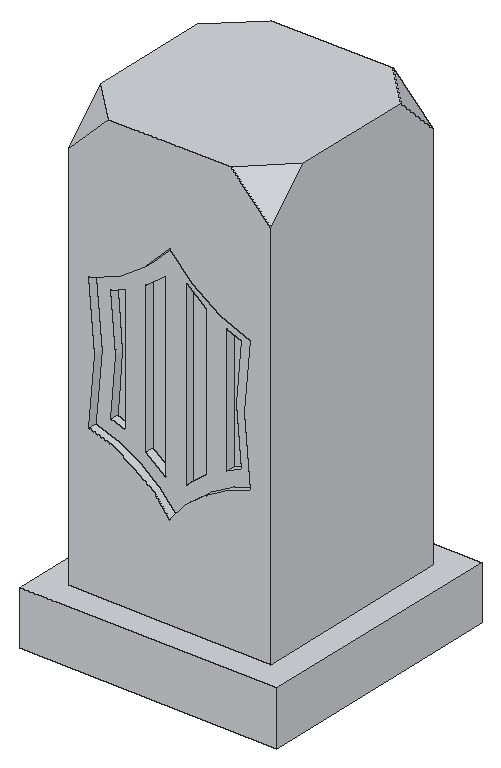
Revit family
Parameters (values of type "SBSP-013.2")
  Width = 1' - 4"
  URL = "www.strombergarchitectural.com"
  Top Material = GFRC
  Submittal Sheet = "www.strombergarchitectural.com/images/materials/gfrc/submittal/gfrc-submittal-sheet.pdf"
  Specifications = "www.strombergarchitectural.com/gfrcspecifications"
  Model Cut-sheet = "www.strombergarchitectural.com/products/bollards/design/SBSP-013"
  Model = "SBSP-013"
  Manufacturer = "Stromberg Architectural Products"
  Guidebook = "www.strombergarchitectural.com/images/materials/gfrc/handbooks/gfrc_guidebook.pdf"
  Frame Material = none
  Description = "GFRC Bollard"
  Assembly Code = ""
  Height = 2' - 6"
  XXX.5 = no
  XXX.4 = no
  XXX.3 = no
  XXX.2 = yes
  XXX.1 = no
Types (6): name | Width | Guidebook | Height | XXX.5 | XXX.4 | XXX.3 | XXX.2 | XXX.1
  (no name) | 1' - 4" | "www.strombergarchitectural.com/images/materials/gfrc/handbooks/gfrc_guidebook.pdf" | 2' - 6" | no | no | no | yes | no
  SBSP-013.3 | 1' - 7" | "www.strombergarchitectural.com/images/materials/gfrc/handbooks/gfrc_guidebook.pdf" | 3' - 0" | no | no | yes | no | no
  SBSP-013.1 | 1' - 1" | "www.strombergarchitectural.com/images/materials/gfrc/handbooks/gfrc_guidebook.pdf   \r\n(http://www.strombergarchitectural.com/images/materials/gfrc/handbooks/gfrc_guidebook.pdf" | 2' - 0" | no | no | no | no | yes
  SBSP-013.2 | 1' - 4" | "www.strombergarchitectural.com/images/materials/gfrc/handbooks/gfrc_guidebook.pdf" | 2' - 6" | no | no | no | yes | no
  SBSP-013.4 | 1' - 10" | "www.strombergarchitectural.com/images/materials/gfrc/handbooks/gfrc_guidebook.pdf" | 3' - 6" | no | yes | no | no | no
  SBSP-013.5 | 2' - 1" | "www.strombergarchitectural.com/images/materials/gfrc/handbooks/gfrc_guidebook.pdf" | 4' - 0" | yes | no | no | no | no
Reference planes (in)
  plane 1 "Center (Front/Back)": y = 3.74847
  plane 2: z = 0
  plane 3 "Center (Left/Right)": x = 0.7278
  plane 4 "Left": x = -17.2722
  plane 5 "Right": x = 18.7278
  plane 6: x = 10.7278
  plane 7: x = 6.7278
  plane 8: z = 5.33333
  plane 9: z = 14.66667
  plane 10: z = 20
  plane 11: z = 33.33333
  plane 12: z = 38.66667
  plane 13: z = 44
  plane 14: z = 48
  plane 15: x = -9.2722
  plane 16: x = -5.2722
  plane 17: y = 13.74847
  plane 18: y = 9.74847
  plane 19: y = -6.25153
  plane 20: y = -2.25153
  plane 21: y = -5.75153
  plane 22: y = -5.25153
Forms (in)
  Extrusion 1, solid, visible <- "XXX.1"
    sketch origin (0, 0, 0) x (1, 0, 0) y (0, 1, 0)
      loop
        line (-5.60553, 10.0818) -> (-5.60553, -2.58487) -> (7.06113, -2.58487) -> (7.06113, 10.0818) -> (-5.60553, 10.0818)
    from 0 to 2.66667
  Blend 2, solid, visible <- "XXX.1"
    base sketch origin (5.7278, -48, 22) x (0, -1, 0) y (1, 0, 0)
      loop
        line (-56.74847, -10) -> (-46.74847, -10) -> (-46.74847, 0) -> (-56.74847, 0) -> (-56.74847, -10)
    top sketch origin (5.7278, -48, 22) x (0, -1, 0) y (1, 0, 0)
      loop
        line (-56.74847, -8) -> (-54.74847, -10) -> (-48.74847, -10) -> (-46.74847, -8) -> (-46.74847, -2) -> (-48.74847, 0) -> (-54.74847, 0) -> (-56.74847, -2) -> (-56.74847, -8)
    from 0 to 2
  Extrusion 3, void
    sketch origin (-87.99522, -0.75913, 2.66667) x (0, 0, 1) y (-1, 0, 0)
      loop
        line (7.51769, -86.22302) -> (13.81564, -86.22302) -> (13.52759, -85.48758)
        arc (13.52759, -85.48758) -> (10.66667, -85.72302) -> (7.80574, -85.48758) r 17.5
        line (7.80574, -85.48758) -> (7.51769, -86.22302)
      loop
        line (15.12542, -88.22302) -> (14.3596, -87.22302) -> (6.97373, -87.22302) -> (6.20791, -88.22302) -> (15.12542, -88.22302)
      loop
        line (15.12542, -89.22302) -> (6.20791, -89.22302) -> (6.97373, -90.22302) -> (14.3596, -90.22302) -> (15.12542, -89.22302)
      loop
        line (13.81564, -91.22302) -> (7.51769, -91.22302) -> (7.80574, -91.95845)
        arc (7.80574, -91.95845) -> (10.66667, -91.72302) -> (13.52759, -91.95845) r 17.5
        line (13.52759, -91.95845) -> (13.81564, -91.22302)
    from -0.5 to 0
  Extrusion 4, solid, visible <- "XXX.1"
    sketch origin (0, 0, 0) x (1, 0, 0) y (0, 1, 0)
      loop
        line (-4.2722, 8.74847) -> (-4.2722, -0.75913) -> (5.7278, -0.75913) -> (5.7278, 8.74847) -> (-4.2722, 8.74847)
    from 2.66667 to 22
  Extrusion 5, solid, visible <- "XXX.1"
    sketch origin (-88.08204, -1.25153, 2.66667) x (0, 0, -1) y (-1, 0, 0)
      loop
        line (-19.33333, -83.80984) -> (-19.33333, -88.80984) -> (-16.66667, -88.80984)
        arc (-16.66667, -88.80984) -> (-14.98231, -87.04385) -> (-14, -84.80984) r 7.05869
        arc (-14, -84.80984) -> (-10.66667, -85.11651) -> (-7.33333, -84.80984) r 18.26924
        arc (-7.33333, -84.80984) -> (-6.35102, -87.04385) -> (-4.66667, -88.80984) r 7.05869
        line (-4.66667, -88.80984) -> (0, -88.80984) -> (0, -83.80984) -> (-19.33333, -83.80984)
    from 0 to 0.4924
  Extrusion 6, solid, visible <- "XXX.1"
    sketch origin (89.53764, -1.25153, 2.66667) x (0, 0, -1) y (-1, 0, 0)
      loop
        line (-19.33333, 83.80984) -> (0, 83.80984) -> (0, 88.80984) -> (-4.66667, 88.80984)
        arc (-4.66667, 88.80984) -> (-6.35102, 87.04385) -> (-7.33333, 84.80984) r 7.05869
        arc (-7.33333, 84.80984) -> (-10.66667, 85.11651) -> (-14, 84.80984) r 18.26924
        arc (-14, 84.80984) -> (-14.98231, 87.04385) -> (-16.66667, 88.80984) r 7.05869
        line (-16.66667, 88.80984) -> (-19.33333, 88.80984) -> (-19.33333, 83.80984)
    from 0 to 0.4924
  Extrusion 7, solid, visible <- "XXX.2"
    sketch origin (0, 0, 0) x (1, 0, 0) y (0, 1, 0)
      loop
        line (-7.18887, -4.1682) -> (8.64447, -4.1682) -> (8.64447, 11.66513) -> (-7.18887, 11.66513) -> (-7.18887, -4.1682)
    from 0 to 3.33333
  Blend 8, solid, visible <- "XXX.2"
    base sketch origin (6.9778, -48, 27.5) x (0, -1, 0) y (1, 0, 0)
      loop
        line (-57.99847, -12.5) -> (-45.49847, -12.5) -> (-45.49847, 0) -> (-57.99847, 0) -> (-57.99847, -12.5)
    top sketch origin (6.9778, -48, 27.5) x (0, -1, 0) y (1, 0, 0)
      loop
        line (-57.99847, -10) -> (-55.49847, -12.5) -> (-47.99847, -12.5) -> (-45.49847, -10) -> (-45.49847, -2.5) -> (-47.99847, 0) -> (-55.49847, 0) -> (-57.99847, -2.5) -> (-57.99847, -10)
    from 0 to 2.5
  Extrusion 9, solid, visible <- "XXX.2"
    sketch origin (6.9778, -48, 27.5) x (0, -1, 0) y (-1, 0, 0)
      loop
        line (-57.99847, 12.5) -> (-57.99847, 0) -> (-45.99847, 0) -> (-45.99847, 12.5) -> (-57.99847, 12.5)
    from 0 to 24.16667
  Extrusion 10, solid, visible <- "XXX.2"
    sketch origin (90.2363, -2.00153, 30) x (0, 0, -1) y (-1, 0, 0)
      loop
        line (2.5, 95.7585) -> (2.5, 89.5085) -> (5.83333, 89.5085)
        arc (5.83333, 89.5085) -> (7.89547, 91.74485) -> (9.16667, 94.5085) r 9.73465
        arc (9.16667, 94.5085) -> (13.33333, 94.1282) -> (17.5, 94.5085) r 23.01565
        arc (17.5, 94.5085) -> (18.72789, 91.71598) -> (20.83333, 89.5085) r 8.82337
        line (20.83333, 89.5085) -> (26.66667, 89.5085) -> (26.66667, 95.7585) -> (2.5, 95.7585)
    from -0.5 to 0
  Extrusion 11, solid, visible <- "XXX.2"
    sketch origin (-88.7807, -2.00153, 30) x (0, 0, -1) y (-1, 0, 0)
      loop
        line (2.5, -95.7585) -> (26.66667, -95.7585) -> (26.66667, -89.5085) -> (20.83333, -89.5085)
        arc (20.83333, -89.5085) -> (18.72789, -91.71598) -> (17.5, -94.5085) r 8.82337
        arc (17.5, -94.5085) -> (13.33333, -94.1282) -> (9.16667, -94.5085) r 23.01565
        arc (9.16667, -94.5085) -> (7.89547, -91.74485) -> (5.83333, -89.5085) r 9.73465
        line (5.83333, -89.5085) -> (2.5, -89.5085) -> (2.5, -95.7585)
    from -0.5 to 0
  Extrusion 12, void
    sketch origin (90.2363, -2.00153, 30) x (0, 0, 1) y (-1, 0, 0)
      loop
        line (-17.26955, 92.6335) -> (-9.39711, 92.6335) -> (-9.75718, 93.5528)
        arc (-9.75718, 93.5528) -> (-13.33333, 93.2585) -> (-16.90949, 93.5528) r 21.875
        line (-16.90949, 93.5528) -> (-17.26955, 92.6335)
      loop
        line (-17.9495, 91.3835) -> (-18.90678, 90.1335) -> (-7.75989, 90.1335) -> (-8.71716, 91.3835) -> (-17.9495, 91.3835)
    from -0.5 to 0
  Extrusion 13, void
    sketch origin (-88.7807, -2.00153, 30) x (0, 0, 1) y (-1, 0, 0)
      loop
        line (-17.26955, -92.6335) -> (-16.90949, -93.5528)
        arc (-16.90949, -93.5528) -> (-13.33333, -93.2585) -> (-9.75718, -93.5528) r 21.875
        line (-9.75718, -93.5528) -> (-9.39711, -92.6335) -> (-17.26955, -92.6335)
      loop
        line (-17.9495, -91.3835) -> (-8.71716, -91.3835) -> (-7.75989, -90.1335) -> (-18.90678, -90.1335) -> (-17.9495, -91.3835)
    from -0.5 to 0
  Extrusion 14, solid, visible <- "XXX.3"
    sketch origin (6.9778, -48, 27.5) x (0, -1, 0) y (1, 0, 0)
      loop
        line (-61.24847, -15.75) -> (-42.24847, -15.75) -> (-42.24847, 3.25) -> (-61.24847, 3.25) -> (-61.24847, -15.75)
    from -27.5 to -23.5
  Blend 15, solid, visible <- "XXX.3"
    base sketch origin (6.9778, -48, 27.5) x (0, -1, 0) y (1, 0, 0)
      loop
        line (-59.24847, -13.75) -> (-44.24847, -13.75) -> (-44.24847, 1.25) -> (-59.24847, 1.25) -> (-59.24847, -13.75)
    top sketch origin (6.9778, -48, 27.5) x (0, -1, 0) y (1, 0, 0)
      loop
        line (-59.24847, -10.75) -> (-56.24847, -13.75) -> (-47.24847, -13.75) -> (-44.24847, -10.75) -> (-44.24847, -1.75) -> (-47.24847, 1.25) -> (-56.24847, 1.25) -> (-59.24847, -1.75) -> (-59.24847, -10.75)
    from 5.5 to 8.5
  Extrusion 16, solid, visible <- "XXX.3"
    sketch origin (6.9778, -48, 27.5) x (0, -1, 0) y (1, 0, 0)
      loop
        line (-59.24847, -13.75) -> (-44.74847, -13.75) -> (-44.74847, 1.25) -> (-59.24847, 1.25) -> (-59.24847, -13.75)
    from -23.5 to 5.5
  Extrusion 17, solid, visible <- "XXX.3"
    sketch origin (90.2363, -3.25153, 36) x (0, 0, -1) y (-1, 0, 0)
      loop
        line (3, 97.0085) -> (3, 89.5085) -> (7, 89.5085)
        arc (7, 89.5085) -> (9.52653, 92.15748) -> (11, 95.5085) r 10.58804
        arc (11, 95.5085) -> (16, 95.0085) -> (21, 95.5085) r 25.25
        arc (21, 95.5085) -> (22.47347, 92.15748) -> (25, 89.5085) r 10.58804
        line (25, 89.5085) -> (32, 89.5085) -> (32, 97.0085) -> (3, 97.0085)
    from -0.5 to 0
  Extrusion 18, solid, visible <- "XXX.3"
    sketch origin (-88.7807, -3.25153, 36) x (0, 0, -1) y (-1, 0, 0)
      loop
        line (3, -97.0085) -> (32, -97.0085) -> (32, -89.5085) -> (25, -89.5085)
        arc (25, -89.5085) -> (22.47347, -92.15748) -> (21, -95.5085) r 10.58804
        arc (21, -95.5085) -> (16, -95.0085) -> (11, -95.5085) r 25.25
        arc (11, -95.5085) -> (9.52653, -92.15748) -> (7, -89.5085) r 10.58804
        line (7, -89.5085) -> (3, -89.5085) -> (3, -97.0085)
    from -0.5 to 0
  Extrusion 19, void
    sketch origin (90.2363, -3.25153, 36) x (0, 0, 1) y (-1, 0, 0)
      loop
        arc (-11.70861, 94.36166) -> (-16, 94.0085) -> (-20.29139, 94.36166) r 26.25
        line (-20.29139, 94.36166) -> (-20.72347, 93.2585) -> (-11.27653, 93.2585) -> (-11.70861, 94.36166)
      loop
        line (-10.4606, 91.7585) -> (-21.5394, 91.7585) -> (-22.68813, 90.2585) -> (-9.31187, 90.2585) -> (-10.4606, 91.7585)
    from -0.5 to 0
  Extrusion 20, void
    sketch origin (-88.7807, -3.25153, 36) x (0, 0, 1) y (-1, 0, 0)
      loop
        line (-11.70861, -94.36166) -> (-11.27653, -93.2585) -> (-20.72347, -93.2585) -> (-20.29139, -94.36166)
        arc (-20.29139, -94.36166) -> (-16, -94.0085) -> (-11.70861, -94.36166) r 26.25
      loop
        line (-10.4606, -91.7585) -> (-9.31187, -90.2585) -> (-22.68813, -90.2585) -> (-21.5394, -91.7585) -> (-10.4606, -91.7585)
    from -0.5 to 0
  Extrusion 21, solid, visible <- "XXX.4"
    sketch origin (0, 0, 0) x (1, 0, 0) y (0, 1, 0)
      loop
        line (-10.35553, 14.8318) -> (-10.35553, -7.33487) -> (11.81113, -7.33487) -> (11.81113, 14.8318) -> (-10.35553, 14.8318)
    from 0 to 4.66667
  Blend 22, solid, visible <- "XXX.4"
    base sketch origin (0, 0, 0) x (1, 0, 0) y (0, 1, 0)
      loop
        line (-8.0222, 12.49847) -> (-8.0222, -5.00153) -> (9.4778, -5.00153) -> (9.4778, 12.49847) -> (-8.0222, 12.49847)
    top sketch origin (0, 0, 0) x (1, 0, 0) y (0, 1, 0)
      loop
        line (-4.5222, 12.49847) -> (-8.0222, 8.99847) -> (-8.0222, -1.50153) -> (-4.5222, -5.00153) -> (5.9778, -5.00153) -> (9.4778, -1.50153) -> (9.4778, 8.99847) -> (5.9778, 12.49847) -> (-4.5222, 12.49847)
    from 38.5 to 42
  Extrusion 23, solid, visible <- "XXX.4"
    sketch origin (0, 0, 0) x (1, 0, 0) y (0, 1, 0)
      loop
        line (-8.0222, 12.49847) -> (-8.0222, -4.50153) -> (9.4778, -4.50153) -> (9.4778, 12.49847) -> (-8.0222, 12.49847)
    from 4.66667 to 38.5
  Extrusion 24, solid, visible <- "XXX.4"
    sketch origin (90.2363, -4.50153, 4.66667) x (0, 0, -1) y (-1, 0, 0)
      loop
        line (-33.83333, 98.2585) -> (-33.83333, 89.5085) -> (-29.16667, 89.5085)
        arc (-29.16667, 89.5085) -> (-26.24763, 92.61803) -> (-24.5, 96.5085) r 12.92029
        arc (-24.5, 96.5085) -> (-18.66667, 95.92517) -> (-12.83333, 96.5085) r 29.45833
        arc (-12.83333, 96.5085) -> (-11.07411, 92.62576) -> (-8.16667, 89.5085) r 13.16707
        line (-8.16667, 89.5085) -> (0, 89.5085) -> (0, 98.2585) -> (-33.83333, 98.2585)
    from -0.5 to 0
  Extrusion 25, solid, visible <- "XXX.4"
    sketch origin (-88.7807, -4.50153, 4.66667) x (0, 0, -1) y (-1, 0, 0)
      loop
        line (-33.83333, -98.2585) -> (0, -98.2585) -> (0, -89.5085) -> (-8.16667, -89.5085)
        arc (-8.16667, -89.5085) -> (-11.07411, -92.62576) -> (-12.83333, -96.5085) r 13.16707
        arc (-12.83333, -96.5085) -> (-18.66667, -95.92517) -> (-24.5, -96.5085) r 29.45833
        arc (-24.5, -96.5085) -> (-26.24763, -92.61803) -> (-29.16667, -89.5085) r 12.92029
        line (-29.16667, -89.5085) -> (-33.83333, -89.5085) -> (-33.83333, -98.2585)
    from -0.5 to 0
  Extrusion 26, void
    sketch origin (90.2363, -4.00153, 4.66667) x (0, 0, 1) y (-1, 0, 0)
      loop
        line (13.15596, 93.8835) -> (24.17738, 93.8835) -> (23.67329, 95.17052)
        arc (23.67329, 95.17052) -> (18.66667, 94.7585) -> (13.66005, 95.17052) r 30.625
        line (13.66005, 95.17052) -> (13.15596, 93.8835)
      loop
        line (25.1293, 92.1335) -> (12.20403, 92.1335) -> (10.86385, 90.3835) -> (26.46949, 90.3835) -> (25.1293, 92.1335)
    from 0 to 0.5
  Extrusion 27, void
    sketch origin (-88.7807, -4.00153, 4.66667) x (0, 0, 1) y (-1, 0, 0)
      loop
        line (13.15596, -93.8835) -> (13.66005, -95.17052)
        arc (13.66005, -95.17052) -> (18.66667, -94.7585) -> (23.67329, -95.17052) r 30.625
        line (23.67329, -95.17052) -> (24.17738, -93.8835) -> (13.15596, -93.8835)
      loop
        line (25.1293, -92.1335) -> (26.46949, -90.3835) -> (10.86385, -90.3835) -> (12.20403, -92.1335) -> (25.1293, -92.1335)
    from 0 to 0.5
  Extrusion 28, solid, visible <- "XXX.5"
    sketch origin (0, 0, 0) x (1, 0, 0) y (0, 1, 0)
      loop
        line (-11.93887, 16.41513) -> (-11.93887, -8.9182) -> (13.39447, -8.9182) -> (13.39447, 16.41513) -> (-11.93887, 16.41513)
    from 0 to 5.33333
  Blend 29, solid, visible <- "XXX.5"
    base sketch origin (0, 0, 0) x (1, 0, 0) y (0, 1, 0)
      loop
        line (-9.2722, 13.74847) -> (-9.2722, -6.25153) -> (10.7278, -6.25153) -> (10.7278, 13.74847) -> (-9.2722, 13.74847)
    top sketch origin (0, 0, 0) x (1, 0, 0) y (0, 1, 0)
      loop
        line (-5.2722, 13.74847) -> (-9.2722, 9.74847) -> (-9.2722, -2.25153) -> (-5.2722, -6.25153) -> (6.7278, -6.25153) -> (10.7278, -2.25153) -> (10.7278, 9.74847) -> (6.7278, 13.74847) -> (-5.2722, 13.74847)
    from 44 to 48
  Extrusion 30, solid, visible <- "XXX.5"
    sketch origin (0, 0, 0) x (1, 0, 0) y (0, 1, 0)
      loop
        line (-9.2722, 13.74847) -> (-9.2722, -5.75153) -> (10.7278, -5.75153) -> (10.7278, 13.74847) -> (-9.2722, 13.74847)
    from 5.33333 to 44
  Extrusion 31, solid, visible <- "XXX.5"
    sketch origin (90.2363, -5.75153, 48) x (0, 0, -1) y (-1, 0, 0)
      loop
        line (4, 99.5085) -> (4, 89.5085) -> (9.33333, 89.5085)
        arc (9.33333, 89.5085) -> (12.70204, 93.04047) -> (14.66667, 97.5085) r 14.11739
        arc (14.66667, 97.5085) -> (21.33333, 96.85776) -> (28, 97.5085) r 34.4743
        arc (28, 97.5085) -> (30.01054, 93.07108) -> (33.33333, 89.5085) r 15.04808
        line (33.33333, 89.5085) -> (42.66667, 89.5085) -> (42.66667, 99.5085) -> (4, 99.5085)
    from -0.5 to 0
  Extrusion 32, solid, visible <- "XXX.5"
    sketch origin (-88.7807, -5.75153, 48) x (0, 0, -1) y (-1, 0, 0)
      loop
        line (4, -99.5085) -> (42.66667, -99.5085) -> (42.66667, -89.5085) -> (33.33333, -89.5085)
        arc (33.33333, -89.5085) -> (30.01054, -93.07108) -> (28, -97.5085) r 15.04808
        arc (28, -97.5085) -> (21.33333, -96.85776) -> (14.66667, -97.5085) r 34.4743
        arc (14.66667, -97.5085) -> (12.70204, -93.04047) -> (9.33333, -89.5085) r 14.11739
        line (9.33333, -89.5085) -> (4, -89.5085) -> (4, -99.5085)
    from -0.5 to 0
  Extrusion 33, void
    sketch origin (90.2363, -5.75153, 48) x (0, 0, 1) y (-1, 0, 0)
      loop
        line (-15.03538, 94.5085) -> (-15.61148, 95.97938)
        arc (-15.61148, 95.97938) -> (-21.33333, 95.5085) -> (-27.05519, 95.97938) r 35
        line (-27.05519, 95.97938) -> (-27.63129, 94.5085) -> (-15.03538, 94.5085)
      loop
        line (-13.94746, 92.5085) -> (-28.7192, 92.5085) -> (-30.25084, 90.5085) -> (-12.41582, 90.5085) -> (-13.94746, 92.5085)
    from -0.5 to 0
  Extrusion 34, void
    sketch origin (-88.7807, -5.75153, 48) x (0, 0, 1) y (-1, 0, 0)
      loop
        line (-15.03538, -94.5085) -> (-27.63129, -94.5085) -> (-27.05519, -95.97938)
        arc (-27.05519, -95.97938) -> (-21.33333, -95.5085) -> (-15.61148, -95.97938) r 35
        line (-15.61148, -95.97938) -> (-15.03538, -94.5085)
      loop
        line (-13.94746, -92.5085) -> (-12.41582, -90.5085) -> (-30.25084, -90.5085) -> (-28.7192, -92.5085) -> (-13.94746, -92.5085)
    from -0.5 to 0
Cuts and joins
  Extrusion 3 cuts Extrusion 4
  joined: Extrusion 1, Blend 2, Extrusion 4, Extrusion 5, Extrusion 6
  Extrusion 12, Extrusion 13 cuts Extrusion 9
  Extrusion 13 cuts Extrusion 10
  joined: Extrusion 7, Blend 8, Extrusion 9, Extrusion 10, Extrusion 11
  Extrusion 19, Extrusion 20 cuts Extrusion 16
  Extrusion 20 cuts Extrusion 17
  joined: Extrusion 14, Blend 15, Extrusion 16, Extrusion 17, Extrusion 18
  Extrusion 26, Extrusion 27 cuts Extrusion 21
  Extrusion 26, Extrusion 27 cuts Blend 22
  Extrusion 26, Extrusion 27 cuts Extrusion 23
  Extrusion 26, Extrusion 27 cuts Extrusion 24
  Extrusion 26, Extrusion 27 cuts Extrusion 25
  joined: Extrusion 21, Blend 22, Extrusion 23, Extrusion 24, Extrusion 25
  Extrusion 33, Extrusion 34 cuts Extrusion 30
  Extrusion 34 cuts Extrusion 31
  joined: Extrusion 28, Blend 29, Extrusion 30, Extrusion 31, Extrusion 32
Dimensions and locks (in)
  aligned and locked: level to plane 2
